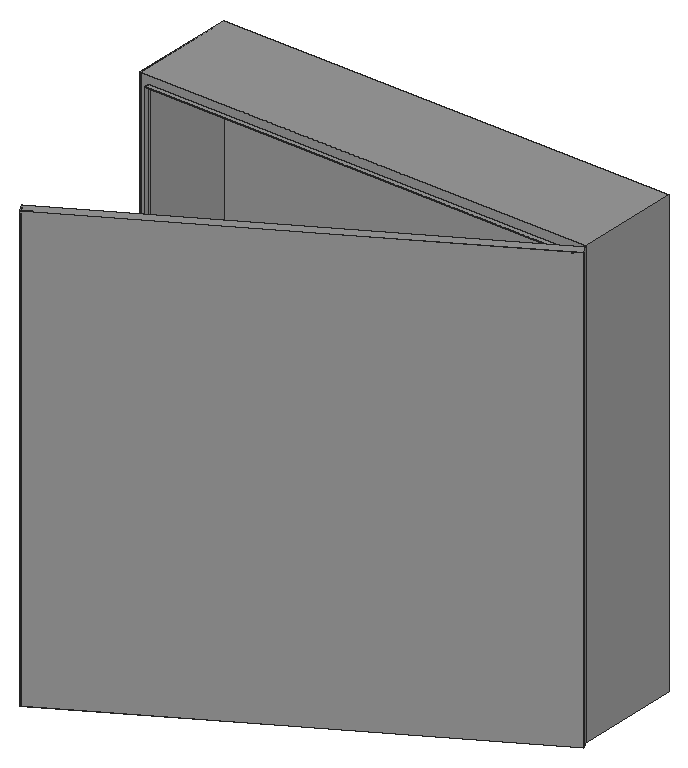
Revit family "Hager-Univers-IP54-D205-H800-Cl.II-Encl-NoHosted-PT-pt", category Electrical Equipment, Revit 2020
Family settings
  Panel Configuration = Two Columns, Circuits Across
  Round Connector Dimension = Use Diameter
  Part Type = Panelboard
  Work Plane-Based = Yes
  Always vertical = Yes
  Cut with Voids When Loaded = No
  Shared = No
  Room Calculation Point = No
Parameters (values of type "Montagem em superfície (gesso) IP54 L800 A800 P205  - FP53SW2")
  Width Control [instance] = if([EF000008 - Largura] > Min Width, [EF000008 - Largura], Min Width)  # 800 mm
  Type Comments = [HG000003 - Gama]  # "Univers"
  Thickness Door [instance] = if([EF009171 - Espessura do material da porta/tampa] > 3 mm, 3 mm, [EF009171 - Espessura do material da porta/tampa])  # 1 mm
  Seal Frame Offset [instance] = 17 mm  # constant formula
  Plinth Visibility [instance] = [HG000027 - Altura da Plinta] > 0 mm  # no
  Min Width [instance] = 100 mm  # constant formula
  Min Depth [instance] = (2 * [EF009170 - Espessura do material do invólucro]) + 1 mm  # 3 mm
  Min Height [instance] = 100 mm  # constant formula
  Internal Frame Depth [instance] = (Door System Depth * 0.5)  # 9 mm
  Panel Name [instance] = ""  # (empty or 0)
  Model = ""
  HG000027 - Altura da Plinta = 0 mm
  HG000026 - Instalação no chão = no
  HG000024 - Altura da secção inferior = 600 mm
  HG000023 - Recinto de secção dupla = no
  HG000016 - Visibilidade da porta 3D [instance] = yes
  HG000015 - Visibilidade através da porta [instance] = no
  HG000014 - Porta à direita [instance] = yes
  HG000013 - Porta à esquerda [instance] = not([HG000014 - Porta à direita])  # no
  HG000012 - Ângulo de abertura de porta [instance] = 30.00°
  HG000010 - Portas assimétricas = no
  HG000009 - Porta dupla = no
  HG000006 - Encastrado = no
  HG000004 - Referência do Fabricante = "FP53SW2"
  HG000003 - Gama = "Univers"
  HG000002 - Com porta ou tampa = yes
  Frame Offset Bottom [instance] = 10 mm  # constant formula
  Frame Offset [instance] = 15 mm  # constant formula
  EF015940 - Tampa com libertação de sobrepressão = no
  EF011959 - Grau de proteção (NEMA) = ""
  EF009554 - Número de aberturas para placas de flange = 6
  EF009212 - Tipo de tampa = "EV000116 - Fechado"
  EF009171 - Espessura do material da porta/tampa = 1 mm
  EF009170 - Espessura do material do invólucro = 1 mm
  EF008873 - Corrente nominal (In) = 250 A
  EF007800 - Adequado para proteção contra raios = no
  EF006306 - Com fecho = no
  EF006244 - Tampa/porta transparente = no
  EF005474 - Grau de proteção (IP) = "EV006419 - IP54"
  EF004464 - Tipo de porta = "EV002646 - Único"
  EF004427 - Número de módulos = 180
  EF004293 - Força de impacto = "EV006815 - IK09"
  EF003532 - Adequado para uso no exterior = no
  EF002950 - Largura em número de módulos = 36
  EF001613 - Integridade do circuito = "EV000494 - Nenhum"
  EF001596 - Material do corpo = "EV000179 - Aço"
  EF001131 - Profundidade interior = 130 mm
  EF001088 - Extensão possível = yes
  EF000437 - Número de entradas de condutores = 6
  EF000339 - Tipo de difusor = "EV004216 - Porta"
  EF000266 - Número de linhas = 5
  EF000218 - Profundidade incorporada = 205 mm
  EF000118 - Com tampa de montagem = no
  EF000116 - Número RAL = "9010"
  EF000049 - Profundidade = 205 mm
  EF000040 - Altura = 800 mm
  EF000008 - Largura = 800 mm
  EF000007 - Cor = "EV000202 - Branco"
  EF000003 - Método de montagem = "EV000384 - Montagem em superfície (gesso)"
  Door System Leaf Tolerance [instance] = 1.5 mm  # constant formula
  Door System Depth [instance] = 18 mm  # constant formula
  Door Height [instance] = Height Control - [HG000027 - Altura da Plinta]  # 800 mm
  Description = ""
  Default Elevation = 1219.2 mm
  Connector Offset [instance] = Height Control / 2  # 400 mm
  Manufacturer = "Hager"  # constant formula
  Height Control [instance] = if([EF000040 - Altura] > Min Height, [EF000040 - Altura], Min Height)  # 800 mm
  Depth Control [instance] = if([EF000049 - Profundidade] > Min Depth, [EF000049 - Profundidade], Min Depth)  # 205 mm
  Bottom Top Plate Trim [instance] = 1.5 mm  # constant formula
  Plinth height Ctrl [instance] = if([HG000027 - Altura da Plinta] > 0 mm, [HG000027 - Altura da Plinta], 12 mm)  # 12 mm
Types (5, lengths in mm): name | Width Control | HG000010 - Portas assimétricas | HG000009 - Porta dupla | HG000004 - Referência do Fabricante | EF009554 - Número de aberturas para placas de flange | EF004464 - Tipo de porta | EF004427 - Número de módulos | EF002950 - Largura em número de módulos | EF000437 - Número de entradas de condutores | EF000339 - Tipo de difusor | EF000008 - Largura
  Montagem em superfície (gesso) IP54 L1050 A800 P205  - FP54SW2 | 1050 | no | yes | "FP54SW2" | 8 | "EV003602 - Duplo" | 240 | 48 | 8 | "EV004216 - Porta" | 1050
  Montagem em superfície (gesso) IP54 L1300 A800 P205  - FP55SW2 | 1300 | yes | yes | "FP55SW2" | 10 | "EV003602 - Duplo" | 300 | 60 | 10 | "EV004216 - Porta" | 1300
  Montagem em superfície (gesso) IP54 L300 A800 P205  - FP51SW2 | 300 | no | no | "FP51SW2" | 2 | "EV002646 - Único" | 60 | 12 | 2 | "EV001012 - Tampa" | 300
  Montagem em superfície (gesso) IP54 L550 A800 P205  - FP52SW2 | 550 | no | no | "FP52SW2" | 4 | "EV002646 - Único" | 120 | 24 | 4 | "EV001012 - Tampa" | 550
  Montagem em superfície (gesso) IP54 L800 A800 P205  - FP53SW2 | 800 | no | no | "FP53SW2" | 6 | "EV002646 - Único" | 180 | 36 | 6 | "EV004216 - Porta" | 800
Reference planes
  plane 1 "Center (Front/Back)": y = 0
  plane 2: z = 0
  plane 3 "Center (Left/Right)": x = 0
  plane 4: y = 0
  plane 5: y = 0
  plane 6: z = 0
  plane 7: x = -400
  plane 8: x = 400
  plane 9: x = 399
  plane 10: x = -399
  plane 11: z = 0
  plane 12: z = 1
  plane 13: y = -205
  plane 14: y = -1
  plane 15: x = 0
  plane 16: y = -187
  plane 17: y = -204
  plane 18: y = -186
  plane 19: x = -384
  plane 20: x = 384
  plane 21: z = 11
  plane 22: x = -383
  plane 23: x = 383
  plane 24: z = 0
  plane 25: z = 800
  plane 26: z = 800
  plane 27: z = 784
  plane 28: z = 799
Forms (mm)
  Extrusion 1, solid, material "Hager_Steel_RAL7035_Light_Grey", detail levels medium+fine
    sketch origin (-208.679, -4572, 0) x (-1, 0, 0) y (0, -1, 0)
      loop
        line (191.321, -4385) -> (-608.679, -4385) -> (-608.679, -4572) -> (191.321, -4572) -> (191.321, -4385)
    from 0 to 800
  Extrusion 2, void
    sketch origin (-350.771, -205, 1219.2) x (1, 0, 0) y (0, 0, 1)
      loop
        line (-48.229, -420.2) -> (-48.229, -1218.2) -> (749.771, -1218.2) -> (749.771, -420.2) -> (-48.229, -420.2)
    from -19 to -204
  Extrusion 3, void
    sketch origin (-290.084, -187, 1219.2) x (1, 0, 0) y (0, 0, 1)
      loop
        line (-93.916, -1208.2) -> (674.084, -1208.2) -> (674.084, -435.2) -> (-93.916, -435.2) -> (-93.916, -1208.2)
    from 0 to -1
  Extrusion 4, solid, material "Hager_Steel_RAL7035_Light_Grey", visible <- "Plinth Visibility", detail levels medium+fine
    sketch origin (0, 0, 0) x (1, 0, 0) y (0, 1, 0)
      loop
        line (-400, 0) -> (-400, -187) -> (400, -187) -> (400, 0) -> (-400, 0)
    from 0 to 12 <- "Plinth height Ctrl"
  Extrusion 5, solid, material "Hager_Steel_RAL7035_Light_Grey", detail levels coarse
    sketch origin (0, 0, 0) x (1, 0, 0) y (0, 1, 0)
      loop
        line (-400, 0) -> (-400, -205) -> (400, -205) -> (400, 0) -> (-400, 0)
    from 0 to 800 <- "Height Control"
  Sweep 6, void
    path in 3D
      loop
        line (-400, -187, 12) -> (400, -187, 12) -> (400, 0, 12) -> (-400, 0, 12) -> (-400, -187, 12)
    profile origin (-400, -93.5, 12) x (1, 0, 0) y (0, 0, 1)
      loop
        line (0, 0) -> (0, -1.5) -> (1.5, -1.5)
        arc (1.5, -1.5) -> (1.061, -0.439) -> (0, 0) r 1.5
  Extrusion 7, solid, material "Hager_Steel_RAL7035_Light_Grey", detail levels fine
    sketch origin (-400, -187, 0) x (1, 0, 0) y (0, 0, 1)
      loop
        line (16, 11) -> (784, 11) -> (784, 784) -> (16, 784) -> (16, 11)
      loop
        line (15, 10) -> (785, 10) -> (785, 785) -> (15, 785) -> (15, 10)
    from 0 to 9 <- "Internal Frame Depth"
Cuts and joins
  Extrusion 2, Extrusion 3 cuts Extrusion 1
  Sweep 6 cuts Extrusion 4
Lines and regions (mm)
  Masking region 1
    outline origin (0, 0, 0) x (1, 0, 0) y (0, 1, 0)
      loop
        line (-400, 0) -> (-400, -205) -> (400, -205) -> (400, 0) -> (-400, 0)
  Masking region 2, detail levels coarse
    outline origin (-290.084, -187, 1219.2) x (-1, 0, 0) y (0, 0, 1)
      loop
        line (-690.084, -1219.2) -> (109.916, -1219.2) -> (109.916, -419.2) -> (-690.084, -419.2) -> (-690.084, -1219.2)
  Masking region 3, detail levels coarse
    outline origin (0, 0, 0) x (0, 1, 0) y (0, 0, 1)
      loop
        line (0, 0) -> (0, 800) -> (-205, 800) -> (-205, 0) -> (0, 0)
  Masking region 4, visible <- "Plinth Visibility", detail levels medium+fine
    outline origin (0, 0, 0) x (0, 1, 0) y (0, 0, 1)
      loop
        line (-1.5, 12) -> (-185.5, 12)
        arc (-185.5, 12) -> (-185.939, 10.939) -> (-187, 10.5) r 1.5
        line (-187, 10.5) -> (-187, 0) -> (0, 0) -> (0, 10.5)
        arc (0, 10.5) -> (-1.061, 10.939) -> (-1.5, 12) r 1.5
  Masking region 5, detail levels medium+fine
    outline origin (0, 0, 594.038) x (0, 1, 0) y (0, 0, 1)
      loop
        line (0, -594.038) -> (0, 205.962) -> (-187, 205.962) -> (-187, -594.038) -> (0, -594.038)
  Masking region 6, detail levels medium+fine
    outline origin (-359.7, -187, 1211.883) x (-1, 0, 0) y (0, 0, 1)
      loop
        line (-759.7, -1211.883) -> (40.3, -1211.883) -> (40.3, -411.883) -> (-759.7, -411.883) -> (-759.7, -1211.883)
  Masking region 7, visible <- "Plinth Visibility", detail levels medium+fine
    outline origin (-320.334, -187, 1041.368) x (-1, 0, 0) y (0, 0, 1)
      loop
        line (-720.334, -1041.368) -> (79.666, -1041.368) -> (79.666, -1030.868)
        arc (79.666, -1030.868) -> (78.606, -1030.429) -> (78.166, -1029.368) r 1.5
        line (78.166, -1029.368) -> (-718.834, -1029.368)
        arc (-718.834, -1029.368) -> (-719.273, -1030.429) -> (-720.334, -1030.868) r 1.5
        line (-720.334, -1030.868) -> (-720.334, -1041.368)
  sketch lines
    curve 1: line (-400, 0, 12) -> (-400, -187, 12)
    curve 2: line (-400, -187, 12) -> (400, -187, 12)
    curve 3: line (400, 0, 12) -> (-400, 0, 12)
    curve 4: line (400, -187, 12) -> (400, 0, 12)
Dimensions and locks
  locked: plane 1 "Center (Front/Back)" to plane 5
  "EF009170 - Espessura do material do invólucro": plane 7 to plane 10
  "EF009170 - Espessura do material do invólucro": plane 8 to plane 9
  equal spacing: plane 7, plane 3 "Center (Left/Right)", plane 8
  "Width Control": plane 7 to plane 8
  "Depth Control": plane 4 to plane 13
  "EF009170 - Espessura do material do invólucro": plane 4 to plane 14
  "Height Control": plane 25 to level
  "HG000027 - Altura da Plinta": plane 11 to level
  "EF009170 - Espessura do material do invólucro": plane 12 to plane 11
  "EF009170 - Espessura do material do invólucro": plane 17 to plane 13
  "EF009170 - Espessura do material do invólucro": plane 18 to plane 16
  "Frame Offset Bottom": plane 21 to plane 12
  "Frame Offset": plane 10 to plane 19
  "Frame Offset": plane 9 to plane 20
  "Door System Depth": plane 16 to plane 13
  "Seal Frame Offset": plane 7 to plane 22
  "Seal Frame Offset": plane 8 to plane 23
  "EF009170 - Espessura do material do invólucro": plane 26 to plane 28
  "Frame Offset": plane 28 to plane 27
  "Connector Offset": plane 2 to connector elem
  "Bottom Top Plate Trim": profile plane to Sweep 6 sketch curve
  "Bottom Top Plate Trim": Sweep 6 sketch curve to Sweep 6 sketch curve
  "Plinth height Ctrl": Masking region 4 sketch curve to level
  "Plinth height Ctrl": Masking region 7 sketch curve to level
  "Thickness Door": Extrusion 7 sketch curve to Extrusion 7 sketch curve  (x4)
  "Bottom Top Plate Trim": radius of Sweep 6 sketch curve
  "Bottom Top Plate Trim": radius of Masking region 4 sketch curve  (x2)
  "Bottom Top Plate Trim": radius of Masking region 7 sketch curve  (x2)
  aligned and locked: Extrusion 2 sketch curve to plane 12
  aligned and locked: Extrusion 2 sketch curve to plane 9
  aligned and locked: Extrusion 2 sketch curve to plane 10
  aligned and locked: Extrusion 2 to plane 14
  aligned and locked: Extrusion 1 sketch curve to plane 4
  aligned and locked: plane 8 to Extrusion 1 sketch curve
  aligned and locked: plane 7 to Extrusion 1 sketch curve
  aligned and locked: Extrusion 2 to plane 18
  aligned and locked: Extrusion 3 sketch curve to plane 19
  aligned and locked: plane 20 to Extrusion 3 sketch curve
  aligned and locked: Extrusion 3 to Extrusion 2
  aligned and locked: Extrusion 3 sketch curve to plane 21
  aligned and locked: plane 3 "Center (Left/Right)" to nested 1
  aligned and locked: Extrusion 1 sketch curve to plane 16
  aligned and locked: Extrusion 4 sketch curve to cut or joined group of Extrusion 1, Extrusion 2, Extrusion 3
  aligned and locked: Masking region 1 sketch curve to plane 7
  aligned and locked: Masking region 1 sketch curve to plane 5
  aligned and locked: Masking region 1 sketch curve to plane 8
  aligned and locked: Masking region 2 sketch curve to level
  aligned and locked: level to Masking region 3 sketch curve
  aligned and locked: plane 1 "Center (Front/Back)" to Masking region 3 sketch curve
  aligned and locked: plane 13 to Masking region 3 sketch curve
  aligned and locked: plane 5 to Masking region 4 sketch curve
  aligned and locked: Masking region 2 sketch curve to plane 8
  aligned and locked: Masking region 2 sketch curve to plane 7
  aligned and locked: plane 7 to nested 2
  aligned and locked: nested 2 to plane 5
  aligned and locked: plane 5 to Masking region 5 sketch curve
  aligned and locked: plane 26 to Masking region 5 sketch curve
  aligned and locked: Extrusion 5 sketch curve to plane 8
  aligned and locked: Extrusion 5 sketch curve to plane 7
  aligned and locked: Extrusion 5 sketch curve to plane 5
  aligned and locked: Extrusion 3 sketch curve to plane 27
  aligned and locked: Extrusion 2 sketch curve to plane 28
  aligned and locked: Masking region 2 to plane 25
  aligned and locked: Extrusion 4 to plane 16
  aligned and locked: profile plane to Sweep 6 sketch curve
  aligned and locked: Masking region 5 sketch curve to plane 24
  aligned and locked: level to Masking region 4 sketch curve
  aligned and locked: Masking region 1 to plane 13
  aligned and locked: nested 1 to plane 16
  aligned and locked: Masking region 3 to plane 25
  aligned and locked: plane 16 to Masking region 4 sketch curve
  aligned and locked: Masking region 5 sketch curve to plane 16
  aligned and locked: plane 24 to plane 11
  aligned and locked: plane 26 to plane 25
  aligned and locked: plane 26 to cut or joined group of Extrusion 1, Extrusion 2, Extrusion 3
  aligned and locked: nested 1 to plane 24
  aligned and locked: Extrusion 1 to Extrusion 3
  aligned and locked: Masking region 6 sketch curve to plane 8
  aligned and locked: Masking region 6 sketch curve to plane 24
  aligned and locked: Masking region 6 sketch curve to plane 7
  aligned and locked: Masking region 6 sketch curve to plane 26
  aligned and locked: Masking region 7 sketch curve to plane 7
  aligned and locked: level to Masking region 7 sketch curve
  aligned and locked: Masking region 7 sketch curve to plane 8
  aligned and locked: Extrusion 7 sketch curve to cut or joined group of Extrusion 1, Extrusion 2, Extrusion 3  (x4)
Automatic sketch dimensions
  plane 19 to Extrusion 3 sketch curve = 0 mm
  Extrusion 3 sketch curve to plane 20 = 0 mm
  Extrusion 3 sketch curve to plane 21 = 0 mm
  Extrusion 4 sketch curve to plane 7 = 0 mm
  Extrusion 4 sketch curve to plane 8 = 0 mm
  Extrusion 4 sketch curve to plane 16 = 0 mm
  Masking region 1 sketch curve to plane 13 = 0 mm
  Masking region 2 sketch curve to plane 25 = 0 mm
  Masking region 3 sketch curve to plane 25 = 0 mm
  Extrusion 5 sketch curve to plane 13 = 0 mm
  profile plane to Sweep 6 sketch curve = 0 mm
Nested families
  nested 1: "EC000058_Univers_Door" at (0, -187, 0), Double <- "HG000009 - Porta dupla", Transparent <- "EF006244 - Tampa/porta transparente", Angle <- "HG000012 - Ângulo de abertura de porta", Door_Right <- "HG000014 - Porta à direita", Assymetrical <- "HG000010 - Portas assimétricas", Door <- "HG000002 - Com porta ou tampa", Width_Ctrl <- "Width Control", 3d_Door <- "HG000016 - Visibilidade da porta 3D", Clearance <- "HG000015 - Visibilidade através da porta", Door_Left <- "HG000013 - Porta à esquerda", Width <- "Width Control", Door_Depth <- "Door System Depth", Leaf_Tolerance <- "Door System Leaf Tolerance", Height <- "Door Height", Lock_Visibility <- "EF006306 - Com fecho", Thickness <- "Thickness Door", type "EC000058_Univers_Door", detail levels medium+fine
    with min_wh 3 mm, Width_Ctrl 800 mm, Width 800 mm, Transparent no, Thickness 1 mm, Seal_Material Hager_Rubber, Lock_Visibility no, Lock_Material Hager_Plastic_RAL9005_Jet_Black, Leaf_Width 800 mm, Leaf_Tolerance_External_Sides 0 mm, Leaf_Tolerance 1.5 mm, Leaf_Offset 0 mm, Leaf_Height 797 mm, Leaf_2_Width 800 mm, Leaf_2_Offset 400 mm, Leaf_1_Width 800 mm, Leaf_1_Offset 400 mm, Height_Ctrl 800 mm, Height 800 mm, Glass_Material Hager_Glass, Double_Clearance_Ctrl no, Double no, Door_Right_Ctrl yes, Door_Right yes, Door_Material Hager_Steel_RAL7035_Light_Grey, Door_Left_Ctrl no, Door_Left no, Door_Depth 18 mm, Door yes, Clearance_Material Hager_Clearance, Clearance_Depth 800 mm, Clearance_Ctrl no, Clearance no, Assymetrical no, Angle 30.00°, 3d_Door yes
  nested 2: "Hager_Enclosure_Symbol" at (-400, 0, 0), Height <- "Depth Control", Width <- "Width Control", type "Hager_Enclosure_Symbol"
    with Width_Ctrl 800 mm, Width 800 mm, Height_Ctrl 205 mm, Height 205 mm, A_Width_Int 13.453 mm, A_Width 161.438 mm, A_Height_Ctrl 179.375 mm, A_Height 179.375 mm
Connectors
  electrical at (0, 0, 400)
    settings: on plane 1 "Center (Front/Back)", index 1, voltage 0 V, apparent load 0 VA, apparent load phase1 0 VA, apparent load phase2 0 VA, apparent load phase3 0 VA, power factor 1, load classification "Other", number of poles 1, system type 30, power factor state 1, is connector primary yes, connector utility no, sub classification motor no, connector description ""
Definition of nested family "EC000058_Univers_Door"
  Parameters (values of type "EC000058_Univers_Door")
    min_wh [instance] = (2 * Thickness) + 1 mm  # 11 mm
    Width_Ctrl [instance] = 400 mm
    Width [instance] = 500 mm
    Transparent [instance] = yes
    Thickness [instance] = 5 mm
    Seal_Material [instance] = none
    Lock_Visibility [instance] = yes
    Lock_Material [instance] = none
    Leaf_Width [instance] = if((Width_Ctrl - 2 * Leaf_Tolerance_External_Sides) > 0 mm, (Width_Ctrl - 2 * Leaf_Tolerance_External_Sides), min_wh)  # 400 mm
    Leaf_Tolerance_External_Sides [instance] = 0 mm  # constant formula
    Leaf_Tolerance [instance] = 1.5 mm
    Leaf_Offset [instance] = 0 mm  # constant formula
    Leaf_Height [instance] = if((Height_Ctrl - 2 * Leaf_Tolerance) > 0 mm, (Height_Ctrl - 2 * Leaf_Tolerance), min_wh)  # 497 mm
    Leaf_2_Width [instance] = if(and(and(Double, Assymetrical), Door_Left), (Leaf_Width / 3) - (Leaf_Tolerance / 2), if(and(and(Double, Assymetrical), Door_Right), (Leaf_Width / 3) * 2 - (Leaf_Tolerance / 2), if(and(Double, not(Assymetrical)), (Leaf_Width / 2) - Leaf_Tolerance, Leaf_Width)))  # 400 mm
    Leaf_2_Offset [instance] = if(and(Double, Assymetrical), Leaf_2_Width / 2, if(and(Double, not(Assymetrical)), Leaf_Width / 4, Leaf_Width / 2))  # 200 mm
    Leaf_1_Width [instance] = if(and(and(Double, Assymetrical), Door_Right), (Leaf_Width / 3) - (Leaf_Tolerance / 2), if(and(and(Double, Assymetrical), Door_Left), (Width / 3) * 2 - (Leaf_Tolerance / 2), if(and(Double, not(Assymetrical)), (Leaf_Width / 2) - Leaf_Tolerance, Leaf_Width)))  # 400 mm
    Leaf_1_Offset [instance] = if(and(Double, Assymetrical), Leaf_1_Width / 2, if(and(Double, not(Assymetrical)), Leaf_Width / 4, Leaf_Width / 2))  # 200 mm
    Height_Ctrl [instance] = if(Height > min_wh, Height, min_wh)  # 500 mm
    Height [instance] = 500 mm
    Glass_Material [instance] = none
    Double_Clearance_Ctrl [instance] = and(Double, Clearance)  # no
    Double [instance] = no
    Door_Right_Ctrl [instance] = and(or(Door_Right, Double), Door)  # yes
    Door_Right [instance] = yes
    Door_Material [instance] = none
    Door_Left_Ctrl [instance] = and(or(Door_Left, Double), Door)  # no
    Door_Left [instance] = no
    Door_Depth [instance] = 30 mm
    Door [instance] = yes
    Default Elevation = 1219.2 mm
    Clearance_Material [instance] = none
    Clearance_Depth [instance] = if(Leaf_1_Width > Leaf_2_Width, Leaf_1_Width, Leaf_2_Width)  # 400 mm
    Clearance_Ctrl [instance] = and(not(Double), Clearance)  # yes
    Clearance [instance] = yes
    Assymetrical [instance] = yes
    Angle [instance] = 30.00°
    3d_Door [instance] = yes
  Reference planes
    plane 1 "Center (Front/Back)": y = 0
    plane 2 "Bottom": z = 0
    plane 3 "Center (Left/Right)": x = 0
    plane 4: z = 500
    plane 5: x = -200
    plane 6: x = 200
    plane 7: z = 500
    plane 8: x = -200
    plane 9: z = 0
    plane 10: x = 200
    plane 11: y = 0
    plane 12: z = 1.5
    plane 13: x = -600
    plane 14: y = -400
    plane 15: x = 600
    plane 16: x = 0
    plane 17: x = 0
    plane 18: x = -200
    plane 19: x = 200
    plane 20: z = 498.5
  Forms (mm)
    Extrusion 1, solid, material <- "Clearance_Material", visible <- "Double_Clearance_Ctrl"
      sketch origin (1200, 0, 0) x (1, 0, 0) y (0, 0, -1)
        loop
          line (-1800, -498.5) -> (-600, -498.5) -> (-600, 0) -> (-1800, 0) -> (-1800, -498.5)
      from 0 to -400
  Dimensions and locks
    equal spacing: plane 5, plane 3 "Center (Left/Right)", plane 6
    "Width_Ctrl": plane 5 to plane 6
    "Leaf_Offset": plane 5 to plane 8
    "Leaf_Offset": plane 6 to plane 10
    "Leaf_Offset": plane 9 to level
    "Leaf_Offset": plane 4 to plane 7
    "Height_Ctrl": plane 4 to level
    "Leaf_Tolerance": plane 12 to plane 9
    locked: plane 11 to plane 1 "Center (Front/Back)"
    "Leaf_1_Offset": plane 18 to plane 16
    "Leaf_2_Offset": plane 17 to plane 19
    "Leaf_1_Width": plane 13 to plane 8
    "Leaf_2_Width": plane 10 to plane 15
    "Clearance_Depth": plane 14 to plane 1 "Center (Front/Back)"
    "Leaf_Tolerance_External_Sides": plane 8 to plane 18
    "Leaf_Tolerance_External_Sides": plane 19 to plane 10
    "Leaf_Tolerance": plane 7 to plane 20
    aligned and locked: level to plane 2 "Bottom"
    aligned and locked: nested 1 to plane 16
    aligned and locked: nested 2 to plane 17
    aligned and locked: Extrusion 1 to plane 13
    aligned and locked: plane 15 to Extrusion 1
    aligned and locked: Extrusion 1 to plane 14
    aligned and locked: plane 12 to nested 1
    aligned and locked: nested 2 to plane 12
    aligned and locked: Extrusion 1 to plane 11
    aligned and locked: plane 20 to Extrusion 1
    aligned and locked: nested 2 to plane 11
    aligned and locked: nested 1 to plane 11
  Automatic sketch dimensions
    Extrusion 1 sketch curve to level = 0 mm
    plane 5 to Extrusion 1 sketch curve = 400 mm
    plane 6 to Extrusion 1 sketch curve = 400 mm
    Extrusion 1 sketch curve to plane 4 = 1.5 mm
  Nested families
    nested 1: "EC000058_Univers_Door_Leaf" at (0, 0, 1.5), Width <- "Leaf_1_Width", visible <- "Door_Left_Ctrl", Leaf_Height <- "Leaf_Height", Angle <- "Angle", 3d_Door <- "3d_Door", Transparent <- "Transparent", Clearance Material <- "Clearance_Material", Clearance <- "Clearance_Ctrl", Door_Material <- "Door_Material", Glass_Material <- "Glass_Material", Door_Depth <- "Door_Depth", Lock_Material <- "Lock_Material", Seal_Material <- "Seal_Material", Lock_Visibility <- "Lock_Visibility", Thickness <- "Thickness", type "EC000058_Univers_Door_Leaf"
      with Width 400 mm, Transparent_Glass_Offset 30 mm, Transparent_Ctrl yes, Transparent yes, Thickness 5 mm, Standard no, Seal_Material none, Seal_D2 8 mm, Seal_D1 1 mm, Offset_Internal_Frame 10 mm, Lock_Width 20 mm, Lock_Visibility_3d yes, Lock_Visibility yes, Lock_Thickness_3 3 mm, Lock_Thickness_2 1 mm, Lock_Thickness_1 3 mm, Lock_Radius_Offset_2 16 mm, Lock_Radius_Offset_1 15 mm, Lock_Radius_2 5 mm, Lock_Radius 6 mm, Lock_Offset 5 mm, Lock_Material none, Lock_Height 80 mm, Lock_Cover_Top_Offset_2d 17 mm, Lock_Cover_Height -65 mm, Leaf_Height 497 mm, Internal_Seal_Thickness 8 mm, Internal_Seal_Depth_2 4.5 mm, Internal_Frame_Depth 25 mm, Glass_Thickness -1 mm, Glass_Offset -2 mm, Glass_Material none, Door_Material none, Door_Depth 30 mm, Clearance Material none, Clearance yes, Angle_Ctrl 30.00°, Angle 30.00°, 3d_Door yes
    nested 2: "EC000058_Univers_Door_Leaf" at (0, 0, 1.5) x (-1, 0, 0) z (0, 0, 1), Width <- "Leaf_2_Width", visible <- "Door_Right_Ctrl", Leaf_Height <- "Leaf_Height", Angle <- "Angle", 3d_Door <- "3d_Door", Transparent <- "Transparent", Clearance Material <- "Clearance_Material", Clearance <- "Clearance_Ctrl", Door_Material <- "Door_Material", Glass_Material <- "Glass_Material", Door_Depth <- "Door_Depth", Lock_Material <- "Lock_Material", Seal_Material <- "Seal_Material", Lock_Visibility <- "Lock_Visibility", Thickness <- "Thickness", type "EC000058_Univers_Door_Leaf"
      with Width 400 mm, Transparent_Glass_Offset 30 mm, Transparent_Ctrl yes, Transparent yes, Thickness 5 mm, Standard no, Seal_Material none, Seal_D2 8 mm, Seal_D1 1 mm, Offset_Internal_Frame 10 mm, Lock_Width 20 mm, Lock_Visibility_3d yes, Lock_Visibility yes, Lock_Thickness_3 3 mm, Lock_Thickness_2 1 mm, Lock_Thickness_1 3 mm, Lock_Radius_Offset_2 16 mm, Lock_Radius_Offset_1 15 mm, Lock_Radius_2 5 mm, Lock_Radius 6 mm, Lock_Offset 5 mm, Lock_Material none, Lock_Height 80 mm, Lock_Cover_Top_Offset_2d 17 mm, Lock_Cover_Height -65 mm, Leaf_Height 497 mm, Internal_Seal_Thickness 8 mm, Internal_Seal_Depth_2 4.5 mm, Internal_Frame_Depth 25 mm, Glass_Thickness -1 mm, Glass_Offset -2 mm, Glass_Material none, Door_Material none, Door_Depth 30 mm, Clearance Material none, Clearance yes, Angle_Ctrl 30.00°, Angle 30.00°, 3d_Door yes
  Definition of nested family "EC000058_Univers_Door_Leaf"
    Parameters (values of type "EC000058_Univers_Door_Leaf")
      Width [instance] = 2000 mm
      Transparent_Glass_Offset [instance] = 30 mm
      Transparent_Ctrl [instance] = and(Transparent, [3d_Door])  # yes
      Transparent [instance] = yes
      Thickness [instance] = 5 mm
      Standard [instance] = and(not(Transparent), [3d_Door])  # no
      Seal_Material [instance] = none
      Seal_D2 [instance] = 8 mm  # constant formula
      Seal_D1 [instance] = 1 mm  # constant formula
      Offset_Internal_Frame [instance] = 10 mm  # constant formula
      Lock_Width [instance] = 20 mm  # constant formula
      Lock_Visibility_3d [instance] = and(Lock_Visibility, [3d_Door])  # yes
      Lock_Visibility [instance] = yes
      Lock_Thickness_3 [instance] = 3 mm  # constant formula
      Lock_Thickness_2 [instance] = 1 mm  # constant formula
      Lock_Thickness_1 [instance] = 3 mm  # constant formula
      Lock_Radius_Offset_2 [instance] = Lock_Radius_Offset_1 + 1 mm  # 16 mm
      Lock_Radius_Offset_1 [instance] = 15 mm  # constant formula
      Lock_Radius_2 [instance] = Lock_Radius - 1 mm  # 5 mm
      Lock_Radius [instance] = 6 mm  # constant formula
      Lock_Offset [instance] = 5 mm  # constant formula
      Lock_Material [instance] = none
      Lock_Height [instance] = 80 mm  # constant formula
      Lock_Cover_Top_Offset_2d [instance] = Lock_Radius_Offset_2 + 1 mm  # 17 mm
      Lock_Cover_Height [instance] = -(Lock_Height - Lock_Radius_Offset_1)  # -65 mm
      Leaf_Height [instance] = 2720.336 mm
      Internal_Seal_Thickness [instance] = 8 mm  # constant formula
      Internal_Seal_Depth_2 [instance] = 4.5 mm  # constant formula
      Internal_Frame_Depth [instance] = if(Door_Depth - Thickness > 5 mm, Door_Depth - Thickness, 5 mm)  # 25 mm
      Glass_Thickness [instance] = if(Thickness > 15 mm, Glass_Offset + 10 mm, -1 mm)  # -1 mm
      Glass_Offset [instance] = if(Thickness > 15 mm, -(Thickness + 10 mm) / 2, -2 mm)  # -2 mm
      Glass_Material [instance] = none
      Door_Material [instance] = none
      Door_Depth [instance] = 30 mm
      Default Elevation = 0 mm
      Clearance Material [instance] = none
      Clearance [instance] = yes
      Angle_Ctrl [instance] = if(Angle > 180.00°, 180.00°, Angle)  # 90.00°
      Angle [instance] = 90.00°
      3d_Door [instance] = yes
    Reference planes
      plane 1 "Center (Front/Back)": y = 0
      plane 2: z = 0
      plane 3 "Center (Left/Right)": x = 0
      plane 4: y = 2000
      plane 5: x = -1000
      plane 6: x = 1000
      plane 7: x = -3000
      plane 8: z = 2720.336
      plane 9: z = 30
      plane 10: z = 2690.336
      plane 11: x = 970
      plane 12: x = -970
      plane 13: y = -3
      plane 14: z = 107.833
      plane 15: y = -5
      plane 16: y = -223.314
      plane 17: x = -1000
      plane 18: z = 1360.168
      plane 19: y = 30
    Forms (mm)
      Extrusion 1, solid, material <- "Clearance Material", visible <- "Clearance"
        sketch origin (0, 0, 0) x (1, 0, 0) y (0, 0, 1)
          loop
            line (-3000, 2720.336) -> (-3000, 0) -> (1000, 0) -> (1000, 2720.336) -> (-3000, 2720.336)
        from 0 to -2000
      Extrusion 2, solid, material <- "Door_Material", visible <- "Standard", detail levels medium+fine
        sketch origin (-1000, 0, 0) x (0, 1, 0) y (-1, 0, 0)
          loop
            line (0, 30) -> (0, 25) -> (2000, 25) -> (2000, 30) -> (0, 30)
        from 0 to 2720.336 <- "Leaf_Height"
      Extrusion 3, solid, material <- "Door_Material", visible <- "Transparent_Ctrl", detail levels medium+fine
        sketch origin (-1000, 0, 0) x (0, 1, 0) y (-1, 0, 0)
          loop
            line (0, 25) -> (2000, 25) -> (2000, 30) -> (0, 30) -> (0, 25)
        from 0 to 2720.336 <- "Leaf_Height"
      Extrusion 4, void
        sketch origin (-1025, 2000, 0) x (0, 1, 0) y (0, 0, -1)
          loop
            line (-30, -2690.336) -> (-30, -30) -> (-1970, -30) -> (-1970, -2690.336) -> (-30, -2690.336)
        from 0 to 5 <- "Thickness"
      Sweep 5, solid, material <- "Seal_Material", visible <- "Transparent_Ctrl", detail levels fine
        path in 3D
          loop
            line (-1025, 30, 30) -> (-1025, 30, 2690.336) -> (-1025, 1970, 2690.336) -> (-1025, 1970, 30) -> (-1025, 30, 30)
        profile origin (-1025, 1000, 30) x (1, 0, 0) y (0, 0, 1)
          loop
            line (0, 0) -> (0, -8) -> (1, -8) -> (1, 0) -> (0, 0)
      Extrusion 6, solid, material <- "Glass_Material", visible <- "Transparent_Ctrl", detail levels medium+fine
        sketch origin (-1030, 0, 0) x (0, 1, 0) y (0, 0, -1)
          loop
            line (1970, -2690.336) -> (1970, -30) -> (30, -30) -> (30, -2690.336) -> (1970, -2690.336)
        from -2 <- "Glass_Offset" to -1 <- "Glass_Thickness"
      Extrusion 7, solid, material <- "Door_Material", visible <- "3d_Door", detail levels medium+fine
        sketch origin (-1025, 2000, 0) x (0, -1, 0) y (0, 0, -1)
          loop
            line (0, -2720.336) -> (2000, -2720.336) -> (2000, 0) -> (0, 0) -> (0, -2720.336)
          loop
            line (1995, -5) -> (5, -5) -> (5, -2715.336) -> (1995, -2715.336) -> (1995, -5)
        from 0 to 25 <- "Internal_Frame_Depth"
      Sweep 8, solid, material <- "Seal_Material", visible <- "Transparent_Ctrl", detail levels fine
        path in 3D
          loop
            line (-1025, 0, 0) -> (-1025, 2000, 0) -> (-1025, 2000, 2720.336) -> (-1025, 0, 2720.336) -> (-1025, 0, 0)
        profile origin (-1025, 0, 1360.168) x (1, 0, 0) y (0, 1, 0)
          loop
            line (0, 10) -> (2.975, 10)
            arc (2.975, 10) -> (4.053, 10.447) -> (4.5, 11.525) r 1.525
            line (4.5, 11.525) -> (4.5, 16.527)
            arc (4.5, 16.527) -> (4.069, 17.569) -> (3.027, 18) r 1.473
            line (3.027, 18) -> (0, 18) -> (0, 10)
      Extrusion 9, solid, material <- "Lock_Material", visible <- "Lock_Visibility_3d", detail levels fine
        sketch origin (-1030, 0, 0) x (0, 1, 0) y (0, 0, -1)
          loop
            arc (1993.5, -1400.168) -> (1994.561, -1399.729) -> (1995, -1398.668) r 1.5
            line (1995, -1398.668) -> (1995, -1320.168) -> (1975, -1320.168) -> (1975, -1398.668)
            arc (1975, -1398.668) -> (1975.439, -1399.729) -> (1976.5, -1400.168) r 1.5
            line (1976.5, -1400.168) -> (1993.5, -1400.168)
        from 3 <- "Lock_Thickness_1" to 0
      Blend 10, solid, material <- "Lock_Material", visible <- "Lock_Visibility_3d", detail levels fine
        base sketch origin (-1033, 0, 0) x (0, 1, 0) y (0, 0, -1)
          loop
            line (1975, -1320.168) -> (1975, -1398.668)
            arc (1975, -1398.668) -> (1975.439, -1399.729) -> (1976.5, -1400.168) r 1.5
            line (1976.5, -1400.168) -> (1993.5, -1400.168)
            arc (1993.5, -1400.168) -> (1994.561, -1399.729) -> (1995, -1398.668) r 1.5
            line (1995, -1398.668) -> (1995, -1320.168) -> (1975, -1320.168)
        top sketch origin (-1033, 0, 0) x (0, 1, 0) y (0, 0, -1)
          loop
            line (1976, -1320.168) -> (1976, -1398.668)
            arc (1976, -1398.668) -> (1976.146, -1399.022) -> (1976.5, -1399.168) r 0.5
            line (1976.5, -1399.168) -> (1993.5, -1399.168)
            arc (1993.5, -1399.168) -> (1993.854, -1399.022) -> (1994, -1398.668) r 0.5
            line (1994, -1398.668) -> (1994, -1320.168) -> (1976, -1320.168)
        from 0 to 1 <- "Lock_Thickness_2"
      Blend 11, solid, material <- "Lock_Material", visible <- "Lock_Visibility_3d", detail levels fine
        base sketch origin (-1034, 0, 0) x (0, 1, 0) y (0, 0, -1)
          loop
            line (1978, -1320.168) -> (1978, -1384.168)
            arc (1978, -1384.168) -> (1985, -1391.168) -> (1992, -1384.168) r 7
            line (1992, -1384.168) -> (1992, -1320.168) -> (1978, -1320.168)
        top sketch origin (-1034, 0, 0) x (0, 1, 0) y (0, 0, -1)
          loop
            line (1991, -1320.168) -> (1979, -1320.168) -> (1979, -1383.168)
            arc (1979, -1383.168) -> (1985, -1389.168) -> (1991, -1383.168) r 6
            line (1991, -1383.168) -> (1991, -1320.168)
        from 0 to 3 <- "Lock_Thickness_3"
      Extrusion 12, solid, material <- "Lock_Material", visible <- "Lock_Visibility_3d", detail levels fine
        sketch origin (-1030, 1975, 1320.168) x (1, 0, 0) y (0, -1, 0)
          loop
            line (-7, -19) -> (-7, -1) -> (0, -1) -> (0, 0) -> (-8, 0) -> (-8, -20) -> (0, -20) -> (0, -19) -> (-7, -19)
        from 0 to -65 <- "Lock_Cover_Height"
      Extrusion 13, void
        sketch origin (-1038, 1995, 1320.168) x (-1, 0, 0) y (0, 0, -1)
          loop
            line (-5, -65) -> (0, -65) -> (-5, -60) -> (-5, -65)
        from 0 to 20 <- "Lock_Width"
      Extrusion 14, void
        sketch origin (-1038, 1975, 1320.168) x (0, -1, 0) y (0, 0, -1)
          loop
            circle (-10, -15.995) r 6
          loop
            circle (-10, -15.995) r 5
        from 0 to 2
      Extrusion 15, solid, material <- "Lock_Material", visible <- "Lock_Visibility_3d", detail levels medium
        sketch origin (-1030, 0, 0) x (0, 1, 0) y (0, 0, -1)
          loop
            arc (1993.5, -1400.168) -> (1994.561, -1399.729) -> (1995, -1398.668) r 1.5
            line (1995, -1398.668) -> (1995, -1320.168) -> (1975, -1320.168) -> (1975, -1398.668)
            arc (1975, -1398.668) -> (1975.439, -1399.729) -> (1976.5, -1400.168) r 1.5
            line (1976.5, -1400.168) -> (1993.5, -1400.168)
        from 8 to 0
    Cuts and joins
      Extrusion 4 cuts Extrusion 3
      Extrusion 13, Extrusion 14 cuts Extrusion 9
      Extrusion 14 cuts Blend 11
      Extrusion 13, Extrusion 14 cuts Extrusion 12
      joined: Extrusion 9, Blend 10, Blend 11, Extrusion 12
      Extrusion 14 cuts Extrusion 15
    Lines and regions (mm)
      Masking region 1, visible <- "Lock_Visibility", detail levels fine
        outline origin (0, 0, 0) x (0, 1, 0) y (0, 0, 1)
          loop
            line (30, 1320.168) -> (33, 1320.168) -> (33, 1400.168) -> (30, 1400.168) -> (30, 1320.168)
      Masking region 2, visible <- "Lock_Visibility", detail levels fine
        outline origin (0, 3.143, 0) x (0, 1, 0) y (0, 0, 1)
          loop
            line (29.857, 1354.168) -> (30.857, 1354.168) -> (30.857, 1366.168) -> (29.857, 1366.168) -> (29.857, 1354.168)
      Masking region 3, detail levels medium+fine
        outline origin (0, 0, 0) x (0, 1, 0) y (0, 0, 1)
          loop
            line (0, 0) -> (30, 0) -> (30, 2720.336) -> (0, 2720.336) -> (0, 0)
      Masking region 4, detail levels medium+fine
        outline origin (0, 0, 0) x (1, 0, 0) y (0, 0, 1)
          loop
            line (-1000, 2720.336) -> (-1000, 0) -> (1000, 0) -> (1000, 2720.336) -> (-1000, 2720.336)
      Masking region 5, visible <- "Lock_Visibility", detail levels fine
        outline origin (-47.116, 0, 0) x (1, 0, 0) y (0, 0, 1)
          loop
            arc (1024.616, 1399.168) -> (1023.556, 1398.729) -> (1023.116, 1397.668) r 1.5
            line (1023.116, 1397.668) -> (1023.116, 1320.168) -> (1041.116, 1320.168) -> (1041.116, 1397.668)
            arc (1041.116, 1397.668) -> (1040.677, 1398.729) -> (1039.616, 1399.168) r 1.5
            line (1039.616, 1399.168) -> (1024.616, 1399.168)
      Masking region 6, visible <- "Lock_Visibility", detail levels medium+fine
        outline origin (-25, 0, 0) x (1, 0, 0) y (0, 0, 1)
          loop
            arc (1001.5, 1400.168) -> (1000.439, 1399.729) -> (1000, 1398.668) r 1.5
            line (1000, 1398.668) -> (1000, 1320.168) -> (1020, 1320.168) -> (1020, 1398.668)
            arc (1020, 1398.668) -> (1019.561, 1399.729) -> (1018.5, 1400.168) r 1.5
            line (1018.5, 1400.168) -> (1001.5, 1400.168)
      Masking region 7, visible <- "Lock_Visibility", detail levels fine
        outline origin (-73.735, 0, 0) x (1, 0, 0) y (0, 0, 1)
          loop
            line (1051.735, 1382.168) -> (1065.735, 1382.168) -> (1065.735, 1384.168)
            arc (1065.735, 1384.168) -> (1058.735, 1391.168) -> (1051.735, 1384.168) r 7
            line (1051.735, 1384.168) -> (1051.735, 1382.168)
      Masking region 8, visible <- "Lock_Visibility", detail levels fine
        outline origin (-73.735, 0, 0) x (1, 0, 0) y (0, 0, 1)
          loop
            line (1052.735, 1382.168) -> (1064.735, 1382.168) -> (1064.735, 1383.168)
            arc (1064.735, 1383.168) -> (1058.735, 1389.168) -> (1052.735, 1383.168) r 6
            line (1052.735, 1383.168) -> (1052.735, 1382.168)
      Masking region 9, visible <- "Lock_Visibility", detail levels fine
        outline origin (-25, 0, 0) x (1, 0, 0) y (0, 0, 1)
          loop
            line (1020, 1320.168) -> (1020, 1382.168) -> (1000, 1382.168) -> (1000, 1320.168) -> (1020, 1320.168)
      Masking region 10, detail levels medium+fine
        outline origin (0, 0, 0) x (1, 0, 0) y (0, 0, 1)
          loop
            circle (985, 1335.144) r 6
      Masking region 11, detail levels fine
        outline origin (0, 0, 0) x (1, 0, 0) y (0, 0, 1)
          loop
            circle (985, 1335.144) r 5
      Masking region 12, visible <- "Lock_Visibility", detail levels fine
        outline origin (0, 12.767, 0) x (0, 1, 0) y (0, 0, 1)
          loop
            line (20.233, 1320.168) -> (21.233, 1320.168) -> (21.233, 1399.168) -> (20.233, 1400.168) -> (20.233, 1320.168)
      Masking region 13, visible <- "Lock_Visibility", detail levels fine
        outline origin (0, 13.767, -10) x (0, 1, 0) y (0, 0, 1)
          loop
            line (20.233, 1330.168) -> (23.233, 1330.168) -> (23.233, 1399.168) -> (20.233, 1402.168) -> (20.233, 1330.168)
      Masking region 14, visible <- "Lock_Visibility", detail levels fine
        outline origin (0, 12.767, -10) x (0, 1, 0) y (0, 0, 1)
          loop
            line (20.233, 1330.168) -> (25.233, 1330.168) -> (25.233, 1399.305) -> (20.233, 1394.305) -> (20.233, 1330.168)
      Masking region 15, visible <- "Lock_Visibility", detail levels medium
        outline origin (0, 0, 0) x (0, 1, 0) y (0, 0, 1)
          loop
            line (30, 1320.168) -> (38, 1320.168) -> (38, 1400.168) -> (30, 1400.168) -> (30, 1320.168)
      Masking region 16, visible <- "Lock_Visibility", detail levels fine
        outline origin (-1000, 0, 0) x (0, 1, 0) y (-1, 0, 0)
          loop
            line (1975, 30) -> (1995, 30) -> (1995, 38) -> (1975, 38) -> (1975, 30)
          loop
            line (1979, 37) -> (1976, 37) -> (1976, 34) -> (1978, 34) -> (1979, 37)
          loop
            line (1994, 37) -> (1991, 37) -> (1992, 34) -> (1994, 34) -> (1994, 37)
      Masking region 17, visible <- "Lock_Visibility", detail levels medium
        outline origin (-1000, 0, 0) x (0, 1, 0) y (-1, 0, 0)
          loop
            line (1975, 30) -> (1995, 30) -> (1995, 38) -> (1975, 38) -> (1975, 30)
      symbolic lines
        curve 1: line (1000, 0, 0) -> (-3000, 0, 0)
        curve 2: arc (1000, 0, 0) -> (-1000, 2000, 0) -> (-3000, 0, 0) r 2000
        curve 4: line (-1030, 0, 0) -> (-1030, 2000, 0)
      reference lines
        curve 3: line (-1000, 0, 0) -> (-1000, 2000, 0)
      symbolic lines, detail levels medium+fine
        curve 5: line (-1030, 2000, 0) -> (-1025, 2000, 0)
        curve 7: line (-1025, 0, 0) -> (-1030, 0, 0)
        curve 8: line (-1025, 0, 0) -> (-1000, 0, 0)
        curve 9: line (-1000, 0, 0) -> (-1000, 2000, 0)
        curve 10: line (-1000, 2000, 0) -> (-1025, 2000, 0)
      symbolic lines, detail levels fine
        curve 6: line (-1025, 2000, 0) -> (-1025, 0, 0)
      sketch lines
        curve 11: line (-1025, 0, 2720.336) -> (-1025, 0, 0)
        curve 12: line (-1025, 2000, 0) -> (-1025, 0, 0)
        curve 13: line (-1025, 2000, 2720.336) -> (-1025, 2000, 0)
        curve 14: line (-1025, 0, 2720.336) -> (-1025, 2000, 2720.336)
        curve 15: line (-1025, 1970, 30) -> (-1025, 30, 30)
        curve 16: line (-1025, 30, 30) -> (-1025, 30, 2690.336)
        curve 17: line (-1025, 1970, 2690.336) -> (-1025, 1970, 30)
        curve 18: line (-1025, 30, 2690.336) -> (-1025, 1970, 2690.336)
      symbolic lines, visible <- "Transparent", detail levels medium+fine
        curve 19: line (-970, 0, 2690.336) -> (970, 0, 2690.336)
        curve 20: line (-970, 0, 30) -> (-970, 0, 2690.336)
        curve 21: line (970, 0, 30) -> (-970, 0, 30)
        curve 22: line (970, 0, 2690.336) -> (970, 0, 30)
    Dimensions and locks
      "Width": plane 1 "Center (Front/Back)" to plane 4
      equal spacing: plane 5, plane 3 "Center (Left/Right)", plane 6
      "Width": plane 5 to plane 6
      "Width": plane 7 to plane 5
      "Leaf_Height": plane 8 to level
      "Width": curve 5 to curve 3
      "Width": curve 3 to curve 3
      plane 8 to plane 10 = 30 mm
      plane 9 to level = 30 mm
      plane 12 to plane 5 = 30 mm
      plane 6 to plane 11 = 30 mm
      Extrusion 1 to Extrusion 4 sketch curve = 30 mm
      "Transparent_Glass_Offset": curve 3 to Extrusion 4 sketch curve
      "Transparent_Glass_Offset": Extrusion 4 sketch curve to cut or joined group of Extrusion 3, Extrusion 4  (x2)
      cut or joined group of Extrusion 3, Extrusion 4 to Extrusion 6 sketch curve = 30 mm
      "Transparent_Glass_Offset": cut or joined group of Extrusion 3, Extrusion 4 to Extrusion 4 sketch curve
      "Thickness": curve 6 to curve 4
      "Thickness": Extrusion 7 sketch curve to Extrusion 7 sketch curve  (x4)
      "Door_Depth": curve 4 to curve 3
      "Offset_Internal_Frame": profile plane to Sweep 8 sketch curve
      "Internal_Seal_Thickness": Sweep 8 sketch curve to Sweep 8 sketch curve
      "Internal_Seal_Depth_2": profile plane to Sweep 8 sketch curve
      "Seal_D1": profile plane to Sweep 5 sketch curve
      "Seal_D2": profile plane to Sweep 5 sketch curve
      "Thickness": Extrusion 2 sketch curve to Extrusion 2 sketch curve
      equal spacing: Extrusion 9 sketch curve, plane 18, Extrusion 9 sketch curve  (x2)
      equal spacing: Masking region 1 sketch curve, plane 18, Masking region 1 sketch curve
      "Lock_Height": Masking region 1 sketch curve to Masking region 1 sketch curve
      "Lock_Radius": Masking region 2 sketch curve to plane 18 to Masking region 2 sketch curve
      Masking region 2 sketch curve to Masking region 1 = 1 mm
      "Door_Depth": plane 19 to plane 1 "Center (Front/Back)"
      "Lock_Thickness_1": Masking region 1 sketch curve to plane 19
      "Lock_Width": Extrusion 9 sketch curve to Extrusion 9 sketch curve
      "Lock_Height": Extrusion 9 sketch curve to Extrusion 9 sketch curve
      "Lock_Offset": cut or joined group of Extrusion 3, Extrusion 4 to Extrusion 9 sketch curve
      equal spacing: plane 8, plane 18, level
      "Lock_Radius_Offset_1": Blend 11 sketch curve to Blend 10
      locked: Blend 10 to Blend 11 sketch curve at 2  (x2)
      locked: var sketch to Blend 11 sketch curve at 1  (x2)
      "Lock_Radius_Offset_2": Blend 11 sketch curve to Blend 10
      locked: Extrusion 12 sketch curve to Extrusion 12 sketch curve at 1  (x3)
      Masking region 6 sketch curve to Masking region 6 sketch curve = 80 mm
      "Lock_Height": Masking region 6 sketch curve to Masking region 6 sketch curve
      "Lock_Width": Masking region 6 sketch curve to Masking region 6 sketch curve
      locked: Masking region 6 to Masking region 5 sketch curve at 1  (x3)
      locked: Masking region 5 to Masking region 7 sketch curve at 2  (x2)
      "Lock_Radius_Offset_1": Masking region 5 to Masking region 7 sketch curve
      "Lock_Radius_Offset_2": Masking region 5 to Masking region 8 sketch curve
      locked: Masking region 7 to Masking region 8 sketch curve at 1  (x2)
      "Lock_Cover_Top_Offset_2d": Masking region 5 to Masking region 9 sketch curve
      equal spacing: Masking region 9, Masking region 10 sketch curve, Masking region 9
      equal spacing: Masking region 9, Masking region 11 sketch curve, Masking region 9
      Extrusion 15 sketch curve to Extrusion 15 sketch curve = 80 mm
      "Lock_Width": Extrusion 15 sketch curve to Extrusion 15 sketch curve
      "Lock_Height": Extrusion 15 sketch curve to Extrusion 15 sketch curve
      equal spacing: Extrusion 15 sketch curve, plane 18, Extrusion 15 sketch curve
      "Lock_Thickness_3": Masking region 13 sketch curve to Masking region 13 sketch curve
      "Lock_Height": Masking region 12 sketch curve to Masking region 12 sketch curve
      locked: Masking region 13 sketch curve to Masking region 1 at 8
      locked: Masking region 14 sketch curve to Masking region 13 at 1
      locked: Masking region 14 sketch curve to Masking region 1 at 10.863
      "Lock_Height": Masking region 15 sketch curve to Masking region 15 sketch curve
      "Lock_Offset": Extrusion 15 sketch curve to cut or joined group of Extrusion 3, Extrusion 4
      "Lock_Offset": plane 6 to Masking region 6 sketch curve
      radius of Sweep 8 sketch curve = 1.525 mm
      radius of Sweep 8 sketch curve = 1.473 mm
      radius of Extrusion 9 sketch curve = 1.5 mm  (x2)
      "Lock_Radius": radius of Extrusion 14 sketch curve
      "Lock_Radius_2": radius of Extrusion 14 sketch curve
      "Lock_Radius": radius of Masking region 10 sketch curve
      "Lock_Radius_2": radius of Masking region 11 sketch curve
      radius of Extrusion 15 sketch curve = 1.5 mm  (x2)
      "Angle_Ctrl": angle plane 1 "Center (Front/Back)" to curve 3
      locked: Masking region 12 sketch curve to Masking region 12 sketch curve (angle 45.00°)
      locked: Masking region 13 sketch curve to Masking region 13 sketch curve (angle 45.00°)
      locked: Masking region 14 sketch curve to Masking region 14 sketch curve (angle 45.00°)
      aligned and locked: level to plane 2
      aligned and locked: Extrusion 1 to curve 1
      aligned and locked: plane 6 to Extrusion 1
      aligned and locked: Extrusion 1 to plane 1 "Center (Front/Back)"
      aligned and locked: plane 4 to Extrusion 1
      aligned and locked: plane 8 to Extrusion 1
      aligned and locked: curve 7 to Extrusion 2 sketch curve
      aligned and locked: curve 5 to Extrusion 2 sketch curve
      aligned and locked: curve 7 to Extrusion 3 sketch curve
      aligned and locked: Extrusion 3 sketch curve to curve 4
      aligned and locked: Extrusion 3 sketch curve to curve 6
      aligned and locked: Extrusion 3 sketch curve to curve 5
      aligned and locked: curve 9 to curve 3
      aligned and locked: Extrusion 7 sketch curve to cut or joined group of Extrusion 3, Extrusion 4  (x4)
      aligned and locked: plane 17 to curve 3
      aligned and locked: plane 1 "Center (Front/Back)" to curve 3
      aligned and locked: plane 17 to plane 5
      aligned and locked: Sweep 8 sketch curve to profile plane
      aligned and locked: Sweep 5 sketch curve to profile plane  (x2)
      aligned and locked: Masking region 1 to Masking region 2 sketch curve
      aligned and locked: plane 19 to Masking region 1 sketch curve
      aligned and locked: plane 1 "Center (Front/Back)" to Masking region 3 sketch curve
      aligned and locked: plane 19 to Masking region 3 sketch curve
      aligned and locked: level to Masking region 3 sketch curve
      aligned and locked: Masking region 3 sketch curve to plane 8
      aligned and locked: plane 17 to Masking region 4 sketch curve
      aligned and locked: level to Masking region 4 sketch curve
      aligned and locked: Masking region 4 sketch curve to plane 8
      aligned and locked: plane 12 to curve 20
      aligned and locked: plane 10 to curve 19
      aligned and locked: plane 11 to curve 22
      aligned and locked: curve 21 to plane 9
      aligned and locked: Extrusion 2 sketch curve to cut or joined group of Extrusion 3, Extrusion 4
      aligned and locked: Blend 10 sketch curve to Extrusion 9  (x4)
      aligned and locked: Extrusion 9 to Blend 10 sketch curve
      aligned and locked: Blend 10 to Blend 11 sketch curve
      aligned and locked: Extrusion 12 sketch curve to Blend 11
      aligned and locked: Extrusion 12 sketch curve to Extrusion 9  (x4)
      aligned and locked: Masking region 5 sketch curve to Masking region 6
      aligned and locked: Masking region 9 sketch curve to Masking region 6  (x3)
      aligned and locked: Masking region 12 sketch curve to Masking region 1
      aligned and locked: Masking region 13 sketch curve to Masking region 1
      aligned and locked: Masking region 12 to Masking region 14
      aligned and locked: Masking region 14 sketch curve to Masking region 1
      aligned and locked: Masking region 15 sketch curve to Masking region 14
      aligned and locked: Masking region 13 sketch curve to Masking region 12
      aligned and locked: Masking region 16 sketch curve to cut or joined group of Extrusion 14, Extrusion 15  (x4)
      aligned and locked: Masking region 16 sketch curve to cut or joined group of Extrusion 9, Blend 10, Blend 11, Extrusion 12, Extrusion 13, Extrusion 14  (x6)
      aligned and locked: cut or joined group of Extrusion 9, Blend 10, Blend 11, Extrusion 12, Extrusion 13, Extrusion 14 to Masking region 16 sketch curve
      aligned and locked: Masking region 17 sketch curve to cut or joined group of Extrusion 14, Extrusion 15  (x3)
      aligned and locked: Masking region 17 sketch curve to cut or joined group of Extrusion 9, Blend 10, Blend 11, Extrusion 12, Extrusion 13, Extrusion 14
      aligned and locked: Masking region 9 to Masking region 8 sketch curve
      aligned and locked: Masking region 9 to Masking region 7 sketch curve
    Automatic sketch dimensions
      plane 1 "Center (Front/Back)" to curve 2 = 0 mm
      curve 2 to plane 5 = 0 mm
      Extrusion 1 sketch curve to level = 0 mm
      Extrusion 1 sketch curve to plane 7 = 0 mm
      Extrusion 1 sketch curve to plane 6 = 0 mm
      Extrusion 1 sketch curve to plane 8 = 0 mm
      Extrusion 3 to Extrusion 6 sketch curve = 30 mm  (x4)
      Masking region 4 sketch curve to plane 6 = 0 mm
      Blend 10 sketch curve to Extrusion 9 = 1.5 mm
      Blend 10 sketch curve to Extrusion 9 = 1 mm
      Extrusion 13 sketch curve to Extrusion 12 = 0 mm  (x2)
      Extrusion 12 to Extrusion 13 sketch curve = 3 mm
      Extrusion 13 sketch curve to Extrusion 12 = 5 mm
      Extrusion 14 sketch curve to Extrusion 14 sketch curve = 0 mm  (x2)
      Extrusion 14 sketch curve to Extrusion 12 = 10 mm
      Extrusion 14 sketch curve to Extrusion 12 = 15.995 mm
      Masking region 5 sketch curve to Masking region 5 sketch curve = 1.5 mm  (x2)
      Masking region 10 sketch curve to plane 18 = 25.024 mm
      Masking region 11 sketch curve to plane 18 = 25.024 mm
      plane 19 to Masking region 14 sketch curve = 3 mm
      Masking region 16 sketch curve to Masking region 16 sketch curve = 3 mm
      curve 4 to curve 3 = 0 mm
      Blend 10 to Blend 11 sketch curve = 0 mm
      Masking region 6 sketch curve to Masking region 6 sketch curve = 1.5 mm  (x2)
      Masking region 6 sketch curve to plane 18 = 40 mm
      plane 19 to Masking region 12 sketch curve = 3 mm
      Masking region 12 sketch curve to Masking region 12 sketch curve = 1 mm
      Masking region 15 sketch curve to plane 19 = 0 mm
      Masking region 15 sketch curve to plane 18 = 40 mm
      radius of Blend 10 sketch curve to Extrusion 9 = 1 mm
Definition of nested family "Hager_Enclosure_Symbol"
  Parameters (values of type "Hager_Enclosure_Symbol")
    Width_Ctrl [instance] = if(Width > 1 mm, Width, 1 mm)  # 102.27 mm
    Width [instance] = 102.27 mm
    Height_Ctrl [instance] = if(Height > 1 mm, Height, 1 mm)  # 66.5 mm
    A_Width_Int [instance] = if(A_Width / 12 > 2 mm, A_Width / 12, 2 mm)  # 4.364 mm
    A_Width [instance] = if(A_Height_Ctrl * 0.9 > 2 mm, A_Height_Ctrl * 0.9, 2 mm)  # 52.369 mm
    A_Height_Ctrl [instance] = if(A_Height > 2 mm, A_Height, 2 mm)  # 58.188 mm
    Height [instance] = 66.5 mm
    A_Height [instance] = Height - (Height / 8)  # 58.188 mm
  Reference planes
    plane 1 "Centre (avant/arrière)": y = 0
    plane 2: z = 0
    plane 3 "Centre (gauche/droite)": x = 0
    plane 4: x = 52.369
    plane 5: y = 33.042
    plane 6: y = 41.77
    plane 7: y = 66.5
    plane 8: x = 26.184
    plane 9: y = 37.406
    plane 10: x = 102.27
    plane 11: y = 66.5
    plane 12: y = 8.313
  Lines and regions (mm)
    Filled region 1, type "Solid_Black", in view "Niveau de réf."
      outline origin (0, 0, 0) x (1, 0, 0) y (0, 1, 0)
        loop
          line (52.369, 66.5) -> (33.188, 54.536) -> (45.365, 45.006) -> (52.369, 66.5)
    Filled region 2, type "Solid_Black", in view "Niveau de réf."
      outline origin (0, 0, 0) x (1, 0, 0) y (0, 1, 0)
        loop
          line (0, 0) -> (102.27, 0) -> (102.27, 66.5) -> (0, 0)
    detail lines, in view "Niveau de réf."
      curve 1: line (0, 8.313, 0) -> (26.184, 41.77, 0)
      curve 2: line (26.184, 41.77, 0) -> (26.184, 33.042, 0)
      curve 3: line (26.184, 33.042, 0) -> (52.369, 66.5, 0)
  Dimensions and locks
    "A_Width": plane 3 "Centre (gauche/droite)" to plane 4
    equal spacing: plane 3 "Centre (gauche/droite)", plane 8, plane 4
    equal spacing: plane 6, plane 9, plane 5
    equal spacing: curve 3, Filled region 1 sketch curve, Filled region 1 sketch curve
    "Height_Ctrl": plane 1 "Centre (avant/arrière)" to plane 11
    "A_Height_Ctrl": plane 11 to plane 12
    equal spacing: plane 11, plane 9, plane 12
    "A_Width_Int": plane 6 to plane 9
    "Width_Ctrl": plane 3 "Centre (gauche/droite)" to plane 10
    angle Filled region 1 sketch curve to curve 3 = 20.00°
    angle curve 3 to Filled region 1 sketch curve = 20.00°
    locked: curve 3 to Filled region 1 sketch curve (angle 90.00°)
    aligned and locked: plane 10 to Filled region 2
    aligned and locked: plane 11 to Filled region 2 sketch curve
    aligned and locked: plane 10 to Filled region 2 sketch curve
    aligned and locked: plane 3 "Centre (gauche/droite)" to curve 1
    aligned and locked: plane 12 to curve 1
    aligned and locked: plane 7 to plane 11
  Automatic sketch dimensions
    Filled region 1 sketch curve to plane 4 = 0 mm
    Filled region 1 sketch curve to plane 7 = 0 mm
    plane 1 "Centre (avant/arrière)" to Filled region 2 sketch curve = 0 mm
    Filled region 2 sketch curve to plane 3 "Centre (gauche/droite)" = 0 mm
    curve 2 to plane 6 = 0 mm
    curve 2 to plane 8 = 0 mm
    curve 3 to plane 4 = 0 mm
    curve 2 to plane 5 = 0 mm
    curve 3 to plane 7 = 0 mm
